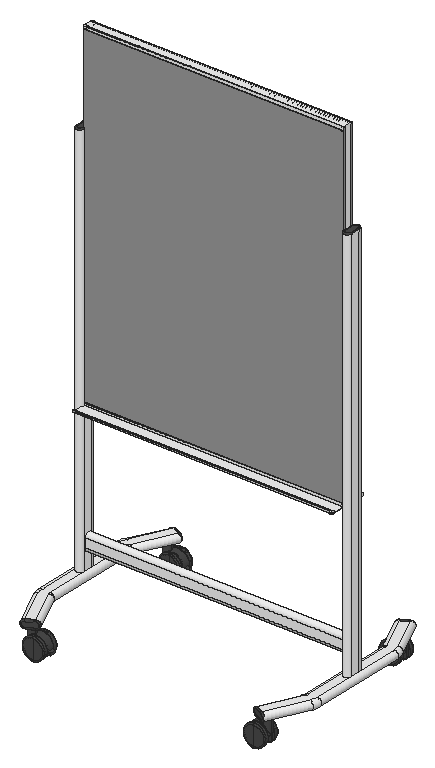
Revit family "Visionary Move", category Generic Models, Revit 2018
Family settings
  Can host rebar = No
  Round Connector Dimension = Use Diameter
  Part Type = Normal
  Work Plane-Based = No
  Always vertical = Yes
  Cut with Voids When Loaded = No
  Shared = No
  Room Calculation Point = No
Parameters
  Width = 3' - 0"
  Surface = Visionary Move Board
Reference planes (in)
  plane 1 "Center (Front/Back)": y = 0
  plane 2: z = 0
  plane 3 "Center (Left/Right)": x = 0
  plane 4: x = -18
  plane 5: x = 18
Forms (in)
  Extrusion 1, solid, material "Visionary Move Frame"
    sketch origin (0, 0, 0) x (0, 1, 0) y (0, 0, 1)
      loop
        line (-2.56681, 25.50953) -> (2.56681, 25.50953)
        arc (2.56681, 25.50953) -> (2.69888, 25.60244) -> (2.67034, 25.76137) r 0.15016
        arc (2.67034, 25.76137) -> (2.51097, 25.80146) -> (2.41033, 25.67155) r 0.15016
        arc (2.41033, 25.67155) -> (2.42644, 25.65262) -> (2.44537, 25.66873) r 0.01758
        arc (2.44537, 25.66873) -> (2.52245, 25.76823) -> (2.64451, 25.73753) r 0.115
        arc (2.64451, 25.73753) -> (2.66534, 25.6134) -> (2.56, 25.54453) r 0.115
        line (2.56, 25.54453) -> (0.71, 25.54453) -> (0.71, 25.90605)
        arc (0.71, 25.90605) -> (0.692, 25.92405) -> (0.674, 25.90605) r 0.018
        line (0.674, 25.90605) -> (0.674, 25.55353) -> (0.5, 25.55353) -> (0.5, 72.75353) -> (0.675, 72.75353) -> (0.675, 72.30048)
        arc (0.675, 72.30048) -> (0.6925, 72.28298) -> (0.71, 72.30048) r 0.0175
        line (0.71, 72.30048) -> (0.71, 72.76869)
        arc (0.71, 72.76869) -> (0.70419, 72.78272) -> (0.69015, 72.78853) r 0.01984
        line (0.69015, 72.78853) -> (-0.69015, 72.78853)
        arc (-0.69015, 72.78853) -> (-0.70419, 72.78272) -> (-0.71, 72.76869) r 0.01984
        line (-0.71, 72.76869) -> (-0.71, 72.30048)
        arc (-0.71, 72.30048) -> (-0.6925, 72.28298) -> (-0.675, 72.30048) r 0.0175
        line (-0.675, 72.30048) -> (-0.675, 72.75353) -> (-0.5, 72.75353) -> (-0.5, 25.55353) -> (-0.674, 25.55353) -> (-0.674, 25.90605)
        arc (-0.674, 25.90605) -> (-0.692, 25.92405) -> (-0.71, 25.90605) r 0.018
        line (-0.71, 25.90605) -> (-0.71, 25.54453) -> (-2.56, 25.54453)
        arc (-2.56, 25.54453) -> (-2.66534, 25.6134) -> (-2.64451, 25.73753) r 0.115
        arc (-2.64451, 25.73753) -> (-2.52245, 25.76823) -> (-2.44537, 25.66873) r 0.115
        arc (-2.44537, 25.66873) -> (-2.42644, 25.65262) -> (-2.41033, 25.67155) r 0.01758
        arc (-2.41033, 25.67155) -> (-2.51097, 25.80146) -> (-2.67034, 25.76137) r 0.15016
        arc (-2.67034, 25.76137) -> (-2.69888, 25.60244) -> (-2.56681, 25.50953) r 0.15016
    from -18 to 18
  Extrusion 2, solid, material "Visionary Move Board" <- "Surface"
    sketch origin (0, 0, 0) x (0, 1, 0) y (0, 0, 1)
      loop
        line (-0.5, 72.75353) -> (-0.674, 72.75353) -> (-0.674, 25.55353) -> (-0.5, 25.55353) -> (-0.5, 72.75353)
      loop
        line (0.675, 72.75353) -> (0.501, 72.75353) -> (0.501, 25.55353) -> (0.675, 25.55353) -> (0.675, 72.75353)
    from -18 to 18
  Extrusion 3, solid, material "Visionary Move Frame"
    sketch origin (0, 0, 0) x (0, 1, 0) y (0, 0, 1)
      loop
        arc (0.55072, 9.00331) -> (-0.01178, 9.56581) -> (-0.57428, 9.00331) r 0.5625
        line (-0.57428, 9.00331) -> (-0.57428, 7.75331)
        arc (-0.57428, 7.75331) -> (-0.01178, 7.19081) -> (0.55072, 7.75331) r 0.5625
        line (0.55072, 7.75331) -> (0.55072, 9.00331)
    from -18 to 18
Dimensions and locks (in)
  equal spacing: plane 4, plane 3 "Center (Left/Right)", plane 5
  "Width": plane 4 to plane 5
  aligned and locked: plane 2 to level
  aligned and locked: plane 4 to Extrusion 2
  aligned and locked: plane 4 to Extrusion 1
  aligned and locked: Extrusion 2 to plane 5
  aligned and locked: Extrusion 1 to plane 5
  aligned and locked: nested 2 to plane 5
  aligned and locked: nested 1 to plane 4
  aligned and locked: plane 4 to Extrusion 3
  aligned and locked: Extrusion 3 to plane 5
Automatic sketch dimensions
  Extrusion 1 sketch curve to Extrusion 1 sketch curve = 0' - 0"  (x28)
  plane 1 "Center (Front/Back)" to Extrusion 1 sketch curve = 0' - 2.56681"
  Extrusion 1 sketch curve to Extrusion 1 sketch curve = 0' - 0.00681"  (x2)
  Extrusion 1 sketch curve to Extrusion 1 sketch curve = 0' - 0.13215"  (x2)
  plane 1 "Center (Front/Back)" to Extrusion 1 sketch curve = 0' - 0.71"  (x2)
  Extrusion 1 sketch curve to Extrusion 1 sketch curve = 0' - 0.0175"  (x2)
  Extrusion 1 sketch curve to Extrusion 1 sketch curve = 0' - 0.018"  (x2)
  Extrusion 1 sketch curve to Extrusion 1 sketch curve = 0' - 0.01984"
  Extrusion 1 sketch curve to Extrusion 1 sketch curve = 0' - 0.175"  (x2)
  Extrusion 1 sketch curve to plane 1 "Center (Front/Back)" = 0' - 0 1/2"
  Extrusion 1 sketch curve to Extrusion 1 sketch curve = 0' - 0.174"
  Extrusion 1 sketch curve to Extrusion 1 sketch curve = 0' - 0.01515"
  Extrusion 1 sketch curve to Extrusion 1 sketch curve = 0' - 1.71785"
  level to Extrusion 1 sketch curve = 2' - 1.50953"
  Extrusion 1 sketch curve to Extrusion 1 sketch curve = 0' - 0.035"
  Extrusion 1 sketch curve to Extrusion 1 sketch curve = 0' - 0.009"  (x2)
  Extrusion 1 sketch curve to Extrusion 1 sketch curve = 0' - 0.115"  (x2)
  Extrusion 1 sketch curve to Extrusion 1 sketch curve = 0' - 0.01061"  (x2)
  Extrusion 1 sketch curve to Extrusion 1 sketch curve = 0' - 0.35252"  (x2)
  Extrusion 1 sketch curve to Extrusion 1 sketch curve = 3' - 10.39443"
  Extrusion 1 sketch curve to Extrusion 1 sketch curve = 0' - 0.45305"  (x2)
  Extrusion 1 sketch curve to Extrusion 1 sketch curve = 0' - 0.01516"
  Extrusion 1 sketch curve to Extrusion 1 sketch curve = 0' - 0.08451"  (x2)
  Extrusion 1 sketch curve to Extrusion 1 sketch curve = 0' - 0.02583"  (x2)
  plane 1 "Center (Front/Back)" to Extrusion 2 sketch curve = 0' - 0.674"
  Extrusion 2 sketch curve to Extrusion 2 sketch curve = 0' - 0.174"  (x2)
  Extrusion 2 sketch curve to plane 1 "Center (Front/Back)" = 0' - 0.501"
  level to Extrusion 2 sketch curve = 2' - 1.55353"
  Extrusion 2 sketch curve to Extrusion 2 sketch curve = 0' - 0"  (x2)
  Extrusion 2 sketch curve to Extrusion 2 sketch curve = 3' - 11.2"
  plane 1 "Center (Front/Back)" to Extrusion 3 sketch curve = 0' - 0.57428"
  plane 1 "Center (Front/Back)" to Extrusion 3 sketch curve = 0' - 0.01178"
  level to Extrusion 3 sketch curve = 0' - 7.75331"
  Extrusion 3 sketch curve to Extrusion 3 sketch curve = 0' - 1 1/4"
Nested families (in)
  nested 1: "Visionary Move Frame" at (0.00475, 0, 0), type "Visionary Move Frame"
  nested 2: "Visionary Move Frame" at (-0.00475, 0, 0) x (-1, 0, 0) z (0, 0, 1), type "Visionary Move Frame"
Definition of nested family "Visionary Move Frame"
  Reference planes (in)
    plane 1 "Center (Front/Back)": y = 0
    plane 2: z = 0
    plane 3 "Center (Left/Right)": x = 0
  Forms (in)
    Sweep 1, solid
      path origin (0, -0.10402, 0) x (1, 0, 0) y (0, 1, 0)
        loop
          line (-14.84398, -12.06234) -> (-17.36147, -6.66355)
          arc (-17.36147, -6.66355) -> (-17.38166, -6.62394) -> (-17.38862, -6.58002) r 0.14212
          line (-17.38862, -6.58002) -> (-17.38862, 6.76451)
          arc (-17.38862, 6.76451) -> (-17.38166, 6.80843) -> (-17.36147, 6.84804) r 0.14212
          line (-17.36147, 6.84804) -> (-14.84398, 12.24683)
      profile origin (-17.38862, -0.01178, 0) x (-1, 0, 0) y (0, 0, 1)
        loop
          arc (0.55363, 4.87831) -> (-0.00887, 4.31581) -> (0.55363, 3.75331) r 0.5625
          line (0.55363, 3.75331) -> (1.74113, 3.75331)
          arc (1.74113, 3.75331) -> (2.30363, 4.31581) -> (1.74113, 4.87831) r 0.5625
          line (1.74113, 4.87831) -> (0.55363, 4.87831)
    Sweep 2, solid
      path origin (-14.79122, -12.27951, 0) x (0.906308, 0.422618, 0) y (0, 0, 1)
        loop
          arc (-1.74113, 4.87831) -> (-2.30363, 4.31581) -> (-1.74113, 3.75331) r 0.5625
          line (-1.74113, 3.75331) -> (-0.55363, 3.75331)
          arc (-0.55363, 3.75331) -> (0.00887, 4.31581) -> (-0.55363, 4.87831) r 0.5625
          line (-0.55363, 4.87831) -> (-1.74113, 4.87831)
      profile origin (-15.8311, -12.76442, 4.87831) x (0, 0, 1) y (0.422618, -0.906308, 0)
        loop
          arc (0, -0.12484) -> (-0.03657, -0.03657) -> (-0.12484, 0) r 0.12484
          line (-0.12484, 0) -> (-0.12484, -0.12484) -> (0, -0.12484)
    Extrusion 3, solid
      sketch origin (-16.42198, -12.9022, 4.87831) x (0.906308, 0.422618, 0) y (0, 0, -1)
        loop
          line (0, 0.12484) -> (1.1875, 0.12484)
          arc (1.1875, 0.12484) -> (1.62516, 0.5625) -> (1.1875, 1.00016) r 0.43766
          line (1.1875, 1.00016) -> (0, 1.00016)
          arc (0, 1.00016) -> (-0.43766, 0.5625) -> (0, 0.12484) r 0.43766
      from 0 to -0.12484
    Sweep 4, solid
      path origin (-14.79122, 12.25596, 0) x (0.906308, -0.422618, 0) y (0, 0, -1)
        loop
          line (-1.74113, -4.87831) -> (-0.55363, -4.87831)
          arc (-0.55363, -4.87831) -> (0.00887, -4.31581) -> (-0.55363, -3.75331) r 0.5625
          line (-0.55363, -3.75331) -> (-1.74113, -3.75331)
          arc (-1.74113, -3.75331) -> (-2.30363, -4.31581) -> (-1.74113, -4.87831) r 0.5625
      profile origin (-15.8311, 12.74086, 4.87831) x (0, 0, -1) y (0.422618, 0.906308, 0)
        loop
          line (0, -0.12484) -> (0.12484, -0.12484) -> (0.12484, 0)
          arc (0.12484, 0) -> (0.03657, -0.03657) -> (0, -0.12484) r 0.12484
    Extrusion 5, solid
      sketch origin (-16.42198, 12.87865, 4.75347) x (0.906308, -0.422618, 0) y (0, 0, 1)
        loop
          arc (0, 0) -> (-0.43766, -0.43766) -> (0, -0.87531) r 0.43766
          line (0, -0.87531) -> (1.1875, -0.87531)
          arc (1.1875, -0.87531) -> (1.62516, -0.43766) -> (1.1875, 0) r 0.43766
          line (1.1875, 0) -> (0, 0)
      from 0 to -0.12484
    Extrusion 6, solid
      sketch origin (0, 0, 0) x (1, 0, 0) y (0, 1, 0)
        loop
          arc (-19.12975, -0.63678) -> (-18.56725, -1.19928) -> (-18.00475, -0.63678) r 0.5625
          line (-18.00475, -0.63678) -> (-18.00475, 0.61322)
          arc (-18.00475, 0.61322) -> (-18.56725, 1.17572) -> (-19.12975, 0.61322) r 0.5625
          line (-19.12975, 0.61322) -> (-19.12975, -0.63678)
      from 4.87831 to 59.87831
    Extrusion 7, solid
      sketch origin (0, 0, 0) x (1, 0, 0) y (0, 1, 0)
        loop
          line (-19.00975, 0.61322) -> (-19.00975, -0.63678)
          arc (-19.00975, -0.63678) -> (-18.56725, -1.07928) -> (-18.12475, -0.63678) r 0.4425
          line (-18.12475, -0.63678) -> (-18.12475, 0.61322)
          arc (-18.12475, 0.61322) -> (-18.56725, 1.05572) -> (-19.00975, 0.61322) r 0.4425
      from 59.87831 to 60.00331
    Sweep 8, solid
      path origin (0, 0, 0) x (1, 0, 0) y (0, 1, 0)
        loop
          line (-19.00975, 0.61322) -> (-19.00975, -0.63678)
          arc (-19.00975, -0.63678) -> (-18.56725, -1.07928) -> (-18.12475, -0.63678) r 0.4425
          line (-18.12475, -0.63678) -> (-18.12475, 0.61322)
          arc (-18.12475, 0.61322) -> (-18.56725, 1.05572) -> (-19.00975, 0.61322) r 0.4425
      profile origin (-19.00975, -0.01178, 0) x (1, 0, 0) y (0, 0, 1)
        loop
          line (0, 59.87831) -> (0, 60.00331)
          arc (0, 60.00331) -> (-0.08664, 59.96639) -> (-0.12, 59.87831) r 0.1201
          line (-0.12, 59.87831) -> (0, 59.87831)
    Extrusion 9, solid
      sketch origin (0, 0, 0) x (1, 0, 0) y (0, 0, 1)
        loop
          line (-16.8429, 0.99955) -> (-13.92771, 0.99955)
          arc (-13.92771, 0.99955) -> (-15.02102, 2.9608) -> (-16.8429, 1.64834) r 1.50331
          line (-16.8429, 1.64834) -> (-16.8429, 0.99955)
      from 11.26178 to 12.26178
    Extrusion 10, solid
      sketch origin (0, 0, 0) x (1, 0, 0) y (0, 0, 1)
        loop
          line (-13.92771, 0.99955) -> (-13.46264, 0.99955) -> (-13.46264, 1.25055) -> (-13.58764, 1.25055)
          arc (-13.58764, 1.25055) -> (-13.76844, 1.32502) -> (-13.84433, 1.50524) r 0.25671
          arc (-13.84433, 1.50524) -> (-13.86431, 1.24881) -> (-13.92771, 0.99955) r 1.50331
      from 11.38576 to 12.13042
    Revolve 11, solid
      sketch origin (-15.34342, 0, 0) x (0, 1, 0) y (0, 0, 1)
        loop
          line (-12.41178, 1.00391) -> (-11.11178, 1.00391) -> (-11.11178, 0) -> (-10.73678, 0)
          arc (-10.73678, 0) -> (-10.64839, 0.03661) -> (-10.61178, 0.125) r 0.125
          line (-10.61178, 0.125) -> (-10.61178, 1.49948) -> (-12.91178, 1.49948) -> (-12.91178, 0.125)
          arc (-12.91178, 0.125) -> (-12.87517, 0.03661) -> (-12.78678, 0) r 0.125
          line (-12.78678, 0) -> (-12.41178, 0) -> (-12.41178, 1.00391)
        axis (-12.91178, 1.49948) -> (-10.61178, 1.49948)
      angle from 0 to 360
    Extrusion 12, solid
      sketch origin (0, 0, 0) x (1, 0, 0) y (0, 1, 0)
        loop
          circle (-16.34647, -11.76178) r 0.49643
      from 0.99955 to 3.50331
    Extrusion 13, solid
      sketch origin (0, 0, 0) x (1, 0, 0) y (0, 1, 0)
        loop
          circle (-16.3429, -11.76178) r 0.21636
      from 3.50331 to 3.75331
    Extrusion 14, solid
      sketch origin (0, 23.5, 0) x (1, 0, 0) y (0, 0, 1)
        loop
          line (-16.8429, 0.99955) -> (-13.92771, 0.99955)
          arc (-13.92771, 0.99955) -> (-15.02102, 2.9608) -> (-16.8429, 1.64834) r 1.50331
          line (-16.8429, 1.64834) -> (-16.8429, 0.99955)
      from 11.26178 to 12.26178
    Extrusion 15, solid
      sketch origin (0, 23.5, 0) x (1, 0, 0) y (0, 0, 1)
        loop
          line (-13.92771, 0.99955) -> (-13.46264, 0.99955) -> (-13.46264, 1.25055) -> (-13.58764, 1.25055)
          arc (-13.58764, 1.25055) -> (-13.76844, 1.32502) -> (-13.84433, 1.50524) r 0.25671
          arc (-13.84433, 1.50524) -> (-13.86431, 1.24881) -> (-13.92771, 0.99955) r 1.50331
      from 11.38576 to 12.13042
    Revolve 16, solid
      sketch origin (-15.34342, 23.5, 0) x (0, 1, 0) y (0, 0, 1)
        loop
          line (-12.41178, 1.00391) -> (-11.11178, 1.00391) -> (-11.11178, 0) -> (-10.73678, 0)
          arc (-10.73678, 0) -> (-10.64839, 0.03661) -> (-10.61178, 0.125) r 0.125
          line (-10.61178, 0.125) -> (-10.61178, 1.49948) -> (-12.91178, 1.49948) -> (-12.91178, 0.125)
          arc (-12.91178, 0.125) -> (-12.87517, 0.03661) -> (-12.78678, 0) r 0.125
          line (-12.78678, 0) -> (-12.41178, 0) -> (-12.41178, 1.00391)
        axis (-12.91178, 1.49948) -> (-10.61178, 1.49948)
      angle from 0 to 360
    Extrusion 17, solid
      sketch origin (0, 23.5, 0) x (1, 0, 0) y (0, 1, 0)
        loop
          circle (-16.34647, -11.76178) r 0.49643
      from 0.99955 to 3.50331
    Extrusion 18, solid
      sketch origin (0, 23.5, 0) x (1, 0, 0) y (0, 1, 0)
        loop
          circle (-16.3429, -11.76178) r 0.21636
      from 3.50331 to 3.75331
  Dimensions and locks (in)
    aligned and locked: plane 2 to level
